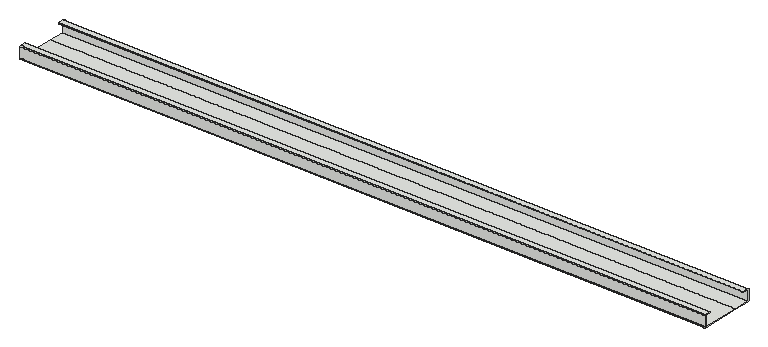
Revit family "PR627", category Mechanical Equipment, Revit 2018
Family settings
  Round Connector Dimension = Use Diameter
  Part Type = Normal
  OmniClass Number = 23.75.00.00
  OmniClass Title = Climate Control (HVAC)
  Work Plane-Based = No
  Always vertical = Yes
  Cut with Voids When Loaded = No
  Shared = No
  Room Calculation Point = No
Parameters (values of type "ISOLAMIN PR627 flashing")
  URL = "http://www.isolamin.se/"
  Thickness = "0.7 mm (Different thicknesses are available on request) \r\n0.7 mm (Different thicknesses are available on request) \r\n0.7 mm (Different thicknesses are available on request)"
  Profile Length = 1180 mm
  Model = "PR627"
  Material = "Galvanized Steel"
  Manufacturer = "ISOLAMIN AB"
  Edition = "1.0 (2018)"
Reference planes
  plane 1 "Center (Front/Back)": y = 0
  plane 2: z = 0
  plane 3 "Center (Left/Right)": x = 0
  plane 4: y = -1284.913
  plane 5: x = 1180
Forms (mm)
  Extrusion 1, solid, material "ISOLAMIN Surface Profile Material"
    sketch origin (0, 0, 0) x (0, 1, 0) y (0, 0, 1)
      loop
        line (-1, 18) -> (-1, 0) -> (-26.26, 0) -> (-91, 0) -> (-91, 18) -> (-82, 18) -> (-82, 19) -> (-91, 19)
        arc (-91, 19) -> (-91.707, 18.707) -> (-92, 18) r 1
        line (-92, 18) -> (-92, 0)
        arc (-92, 0) -> (-91.707, -0.707) -> (-91, -1) r 1
        line (-91, -1) -> (-26.26, -1) -> (-1, -1)
        arc (-1, -1) -> (-0.293, -0.707) -> (0, 0) r 1
        line (0, 0) -> (0, 18)
        arc (0, 18) -> (-0.293, 18.707) -> (-1, 19) r 1
        line (-1, 19) -> (-10, 19) -> (-10, 18) -> (-1, 18)
    from 0 to 1180
Dimensions and locks
  "Profile Length": plane 3 "Center (Left/Right)" to plane 5
  aligned and locked: level to plane 2
  aligned and locked: plane 5 to Extrusion 1
Automatic sketch dimensions
  Extrusion 1 sketch curve to level = 0 mm  (x3)
  Extrusion 1 sketch curve to plane 1 "Center (Front/Back)" = 0 mm
  Extrusion 1 sketch curve to Extrusion 1 sketch curve = 1 mm
  plane 1 "Center (Front/Back)" to Extrusion 1 sketch curve = 1 mm
  Extrusion 1 sketch curve to level = 1 mm
  Extrusion 1 sketch curve to Extrusion 1 sketch curve = 9 mm  (x2)
  Extrusion 1 sketch curve to Extrusion 1 sketch curve = 16.26 mm
  Extrusion 1 sketch curve to Extrusion 1 sketch curve = 0 mm  (x5)
  level to Extrusion 1 sketch curve = 19 mm
  Extrusion 1 sketch curve to Extrusion 1 sketch curve = 55.74 mm
  level to Extrusion 1 sketch curve = 18 mm
